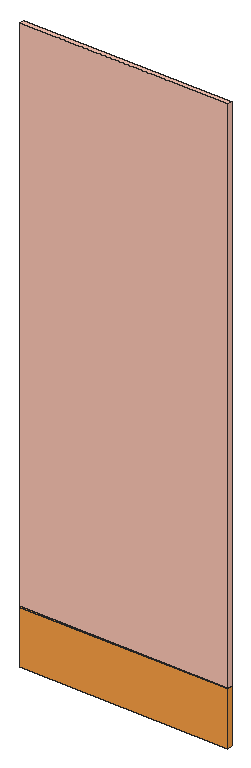
Revit family "EXP_WT-1B_CPan-004", category Curtain Panels, Revit 2021
Family settings
  OmniClass Number = 23.25.20.14.11.11.17
  OmniClass Title = Infill Panels
  Always vertical = Yes
  Cut with Voids When Loaded = No
  Shared = No
Parameters (values of type "H2 = 2'  4 1/2"")
  UI-UnitNumber [instance] = "001"
  UI-Quadrant [instance] = "SE"
  UI-ProjectAbbreviation = "NEU"
  UI-ItemCategory = "PID"
  UI-FloorNumber [instance] = "03"
  PNT-WallType = "WT1B"
  PNT-ProjectAbbreviation = "NEU"
  PNT-PanelType [instance] = "01"
  PNT-ItemCategory = "PNL"
  GlassSPH2(x2) [instance] = 0' - 2 3/16"
  GlassSPH1 [instance] = 0' - 2 3/16"
  GlassH2 [instance] = IG-4F(Glass)
  GlassH1 [instance] = IG-2F(Glass)
  Define Thermal Properties by = Schematic Type
  CellSp = 0' - 10 3/16"
  CellL [instance] = 8' - 10"
  CellH2 = 2' - 4 1/2"
  CellH1 [instance] = CellH - CellH2  # 22' - 0"
  CellH [instance] = 24' - 4 1/2"
  Analytic Construction = "<None>"
Types (2): name | CellH2 | CellH1
  H2 = 2'  4 1/2" | 2' - 4 1/2" | 22' - 0"
  H2 = 10'  4 1/2" | 10' - 4 1/2" | 14' - 0"
Reference planes (in)
  plane 1 "Center (Front/Back)": y = 0
  plane 2: z = 0
  plane 3 "Center (Left/Right)": x = 0
  plane 4 "Left": x = -53
  plane 5 "Right": x = 53
  plane 6 "Top": z = 292.5
  plane 7: z = 28.5
  plane 8: y = -10.1875
Forms (in)
  Extrusion 1, solid, material "IG-4F(Glass)" <- "GlassH2", detail levels coarse+medium
    sketch origin (0, 0, 0) x (0, 1, 0) y (0, 0, 1)
      loop
        line (-10.1875, 28.5) -> (-10.1875, 0) -> (0, 0) -> (0, 28.5) -> (-10.1875, 28.5)
    from -53 to 53
  Extrusion 2, solid, material "IG-2F(Glass)" <- "GlassH1", detail levels coarse+medium
    sketch origin (0, 0, 0) x (0, 1, 0) y (0, 0, 1)
      loop
        line (-10.1875, 292.5) -> (-10.1875, 28.5) -> (0, 28.5) -> (0, 292.5) -> (-10.1875, 292.5)
    from -53 to 53
Text (in)
  text "Exterior" at (-92.59733, 55.75508, 0), in view "Ref. Level"
  text "Exterior" at (0, 90.18664, 173.49264), in view "Left"
  text "Exterior" at (0, 52.29083, 162.21847), in view "Right"
Dimensions and locks (in)
  "CellH2": plane 2 to plane 7
  "CellH1": plane 7 to plane 6 "Top"
  Extrusion 2 sketch curve to Extrusion 2 sketch curve = 0' - 10 3/16"
  "CellL": plane 4 "Left" to plane 5 "Right"
  equal spacing: plane 4 "Left", plane 3 "Center (Left/Right)", plane 5 "Right"
  "CellH": plane 2 to plane 6 "Top"
  "CellSp": plane 8 to plane 1 "Center (Front/Back)"
  aligned and locked: level to plane 2
  aligned and locked: Extrusion 1 sketch curve to plane 7
  aligned and locked: plane 8 to Extrusion 1 sketch curve
  aligned and locked: level to Extrusion 1 sketch curve
  aligned and locked: plane 1 "Center (Front/Back)" to Extrusion 1 sketch curve
  aligned and locked: plane 4 "Left" to Extrusion 1
  aligned and locked: Extrusion 1 to plane 5 "Right"
  aligned and locked: plane 6 "Top" to Extrusion 2 sketch curve
  aligned and locked: plane 8 to Extrusion 2 sketch curve
  aligned and locked: Extrusion 2 to plane 5 "Right"
  aligned and locked: plane 4 "Left" to Extrusion 2
  aligned and locked: Extrusion 2 to plane 1 "Center (Front/Back)"
  aligned and locked: plane 5 "Right" to nested 1
  aligned and locked: plane 4 "Left" to nested 1
  aligned and locked: Extrusion 2 to plane 6 "Top"
  aligned and locked: Extrusion 1 to plane 2
  aligned and locked: nested 1 to plane 8
  aligned and locked: nested 2 to plane 4 "Left"
  aligned and locked: nested 2 to plane 5 "Right"
  aligned and locked: plane 8 to nested 2
  aligned and locked: nested 2 to plane 6 "Top"
  aligned and locked: plane 7 to nested 2
  aligned and locked: nested 3 to plane 4 "Left"
  aligned and locked: nested 3 to plane 5 "Right"
  aligned and locked: plane 8 to nested 3
  aligned and locked: plane 7 to nested 3
  aligned and locked: plane 2 to nested 3
Automatic sketch dimensions
  Extrusion 2 sketch curve to plane 7 = 0' - 0"
Nested families (in)
  nested 1: "EXP_xx_DetO-002" at (0, -10.1875, 0), CellH <- "CellH", CellL <- "CellL", type "EXP_xx_DetO-002", detail levels coarse
    with CellL 8' - 10", CellH 24' - 4 1/2"
  nested 2: "EXP_WT-1x_IG-001" at (0, -10.1875, 160.5) x (-1, 0, 0) z (0, 0, 1), GlassSP <- "GlassSPH1", MaterialGlass <- "GlassH1", type "GlassSP = H1"
    with MaterialGlass IG-2F(Glass), GlassSP 0' - 2 3/16", GlassL 8' - 8.12549", GlassH 21' - 10 5/16", CellL 8' - 10", CellH 22' - 0"
  nested 3: "EXP_WT-1x_IG-001" at (0, -10.1875, 14.25) x (-1, 0, 0) z (0, 0, 1), GlassSP <- "GlassSPH2(x2)", MaterialGlass <- "GlassH2", type "GlassSP = H2(x2)"
    with MaterialGlass IG-4F(Glass), GlassSP 0' - 2 3/16", GlassL 8' - 8.12598", GlassH 2' - 2.56299", CellL 8' - 10", CellH 2' - 4 1/2"
Definition of nested family "EXP_WT-1x_IG-001"
  Parameters (values of type "H2 _ GlassSP = 1 1/4"")
    MaterialGlass [instance] = none
    GlassSP [instance] = 0' - 1 1/4"
    GlassL [instance] = CellL - (GlassD1 + GlassD3)  # 3' - 10.94439"
    GlassH [instance] = CellH - (GlassD2 + GlassD4)  # 6' - 6.64788"
    GlassD4 = 0' - 1.43701"
    GlassD3 = 0' - 0.93701"
    GlassD2 = 0' - 0 1/2"
    GlassD1 = 0' - 0 15/16"
    GMPI-ProjectAbbreviation = "NEU"
    GMPI-IteamCategory = "GLS"
    Default Elevation = 0' - 0"
    CellL [instance] = 4' - 0.8189"
    CellH [instance] = 6' - 8.58489"
  Types (12): name | GlassSP | GlassL | GlassH | GlassD4 | GlassD2 | GlassD1
    H2(x2) _ GlassSP = 2 1/8" | 0' - 2.12598" | 3' - 10.94488" | 6' - 6.64788" | 0' - 1.43701" | 0' - 0 1/2" | 0' - 0.93701"
    H1 _ GlassSP = 1 1/4" | 0' - 1 1/4" | 3' - 10.94439" | 6' - 6.89739" | 0' - 0 1/4" | 0' - 1 7/16" | 0' - 0 15/16"
    H2(x3) _ GlassSP = 2 1/8" | 0' - 2.12598" | 3' - 10.94488" | 6' - 7.83489" | 0' - 0 1/4" | 0' - 0 1/2" | 0' - 0.93701"
    H3 _ GlassSP = 1 1/4" | 0' - 1 1/4" | 3' - 10.94439" | 6' - 6.64788" | 0' - 1.43701" | 0' - 0 1/2" | 0' - 0 15/16"
    H _ GlassSP = 2 1/8" | 0' - 2.12598" | 3' - 10.94488" | 6' - 5.71088" | 0' - 1.43701" | 0' - 1.43701" | 0' - 0.93701"
    H _ GlassSP = 1 1/4" | 0' - 1 1/4" | 3' - 10.94439" | 6' - 5.71088" | 0' - 1.43701" | 0' - 1.43701" | 0' - 0 15/16"
    H2 _ GlassSP = 1 1/4" | 0' - 1 1/4" | 3' - 10.94439" | 6' - 6.64788" | 0' - 1.43701" | 0' - 0 1/2" | 0' - 0 15/16"
    GlassSP = H | 0' - 1 1/4" | 3' - 10.94439" | 6' - 5.71088" | 0' - 1.43701" | 0' - 1.43701" | 0' - 0 15/16"
    GlassSP = H3 | 0' - 1 1/4" | 3' - 10.94439" | 6' - 6.64788" | 0' - 1.43701" | 0' - 0 1/2" | 0' - 0 15/16"
    GlassSP = H2(x3) | 0' - 2.12598" | 3' - 10.94488" | 6' - 7.83489" | 0' - 0 1/4" | 0' - 0 1/2" | 0' - 0.93701"
    GlassSP = H2(x2) | 0' - 2.12598" | 3' - 10.94488" | 6' - 6.64788" | 0' - 1.43701" | 0' - 0 1/2" | 0' - 0.93701"
    GlassSP = H1 | 0' - 1 1/4" | 3' - 10.94439" | 6' - 6.89739" | 0' - 0 1/4" | 0' - 1 7/16" | 0' - 0 15/16"
  Reference planes (in)
    plane 1 "Center (Front/Back)": y = 0
    plane 2: z = 0
    plane 3 "Center (Left/Right)": x = 0
    plane 4: x = -24.40945
    plane 5: x = 24.40945
    plane 6: z = 40.29245
    plane 7: x = -23.47195
    plane 8: x = 23.47244
    plane 9: z = -40.29245
    plane 10: z = 39.79245
    plane 11: z = -38.85544
  Forms (in)
    Extrusion 1, solid, material <- "MaterialGlass"
      sketch origin (0, 0, 0) x (1, 0, 0) y (0, 0, 1)
        loop
          line (-23.47195, -38.85544) -> (23.47244, -38.85544) -> (23.47244, 39.79245) -> (-23.47195, 39.79245) -> (-23.47195, -38.85544)
      from 0 to 1.25 <- "GlassSP"
  Dimensions and locks (in)
    equal spacing: plane 6, level, plane 9
    "CellH": plane 6 to plane 9
    "GlassD2": plane 6 to plane 10
    "GlassD4": plane 11 to plane 9
    equal spacing: plane 4, plane 3 "Center (Left/Right)", plane 5
    "CellL": plane 4 to plane 5
    "GlassD1": plane 4 to plane 7
    "GlassD3": plane 5 to plane 8
    aligned and locked: level to plane 2
    aligned and locked: Extrusion 1 sketch curve to plane 11
    aligned and locked: Extrusion 1 sketch curve to plane 7
    aligned and locked: plane 10 to Extrusion 1 sketch curve
    aligned and locked: plane 8 to Extrusion 1 sketch curve
Definition of nested family "EXP_xx_DetO-002"
  Parameters (values of type "EXP_xx_DetO-002")
    Default Elevation = 0' - 0"
    CellL [instance] = 5' - 4.56693"
    CellH [instance] = 5' - 2.99213"
  Reference planes (in)
    plane 1 "Center (Front/Back)": y = 0
    plane 2: z = 0
    plane 3 "Center (Left/Right)": x = 0
    plane 4: x = -32.28346
    plane 5: x = 32.28346
    plane 6: z = 62.99213
  Lines and regions (in)
    model lines
      curve 1: line (-32.28346, 0, 62.99213) -> (32.28346, 0, 0)
      curve 2: line (32.28346, 0, 62.99213) -> (-32.28346, 0, 0)
  Dimensions and locks (in)
    "CellH": plane 6 to level
    equal spacing: plane 4, plane 3 "Center (Left/Right)", plane 5
    "CellL": plane 4 to plane 5
    aligned and locked: level to plane 2
  Automatic sketch dimensions
    curve 2 to level = 0' - 0"
    plane 4 to curve 2 = 0' - 0"
    plane 4 to curve 1 = 0' - 0"
    plane 5 to curve 2 = 0' - 0"
    curve 1 to level = 0' - 0"
    plane 5 to curve 1 = 0' - 0"
    curve 2 to plane 6 = 0' - 0"
    curve 1 to plane 6 = 0' - 0"
